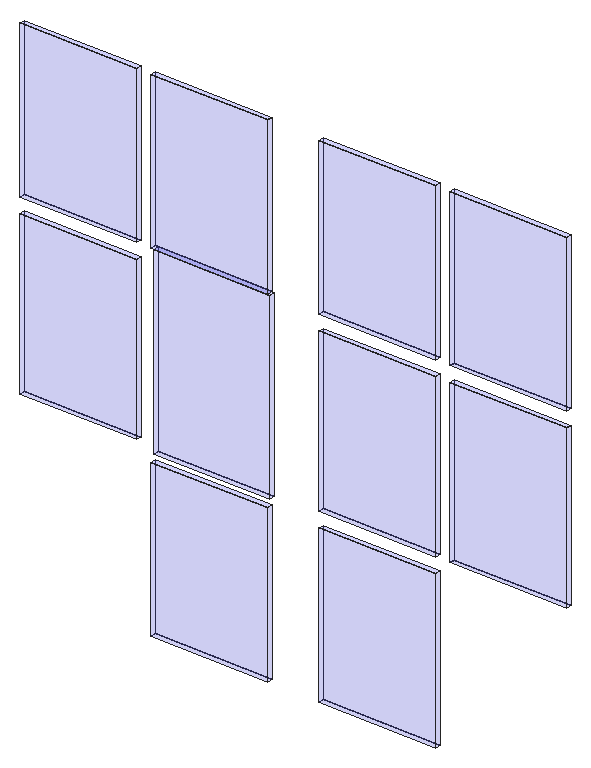
Revit family "WST_A3-C2F", category Windows, host Wall, Revit 2016
Family settings
  Host = Wall
  Always vertical = Yes
  Cut with Voids When Loaded = No
  Shared = No
  Room Calculation Point = No
Parameters (values of type "C2F Durowin")
  URL = "http://www.DUROWIN.com"
  Model Type = "C TYPE"
  Model = "C Type Residential open out"
  Material glass = Glass
  Material frame = Default Steel frame
  Manufacturer Code = "C2F"
  Manufacturer = "Durowin"
  Inset = 110 mm
  Height = 949 mm
  Head Height = 2125 mm
  Wall Closure = By host
  Width = 1022 mm
  Construction Type = "Steel"
  Assembly Code = "B2020120"
Reference planes
  plane 1 "centre line": y = 0
  plane 2 "Center (Left/Right)": x = 0
  plane 3 "Left": x = -511
  plane 4 "Right": x = 511
  plane 5 "Sill": z = 1176
  plane 6 "Head": z = 2125
  plane 7 "Exterior": y = 110
  plane 8 "Interior": y = -110
  plane 9: x = 255.5
  plane 10: x = -255.5
  plane 11: z = 1650.5
  plane 12: z = 1499.667
  plane 13: z = 1801.333
  plane 14: z = 1198
  plane 15: z = 2103
  plane 16: z = 1741
  plane 17: z = 1560
Forms (mm)
  Sweep 1, solid, material "Default Steel frame" <- "Material frame", detail levels medium
    path origin (0, 0, 0) x (1, 0, 0) y (0, 0, 1)
      loop
        line (511, 1176) -> (511, 2125) -> (0, 2125) -> (0, 1176) -> (511, 1176)
    profile origin (255.5, 0, 0) x (0, 0, -1) y (0, -1, 0)
      loop
        line (-1176, -28) -> (-1176, 28) -> (-1220, 28) -> (-1220, -28) -> (-1176, -28)
  Sweep 2, solid, material "Default Steel frame" <- "Material frame", detail levels medium
    path origin (0, 0, 0) x (1, 0, 0) y (0, 0, 1)
      loop
        line (0, 1176) -> (0, 2125) -> (-511, 2125) -> (-511, 1176) -> (0, 1176)
    profile origin (-255.5, 0, 0) x (0, 0, -1) y (0, -1, 0)
      loop
        line (-1176, -28) -> (-1176, 28) -> (-1220, 28) -> (-1220, -28) -> (-1176, -28)
  Extrusion 3, solid, material "Glass" <- "Material glass", detail levels medium
    sketch origin (0, 0, 0) x (1, 0, 0) y (0, 0, 1)
      loop
        line (467, 1220) -> (467, 1487.167) -> (268, 1487.167) -> (268, 1220) -> (467, 1220)
    from 5 to -5
  Extrusion 4, solid, material "Glass" <- "Material glass", detail levels medium
    sketch origin (0, 0, 0) x (1, 0, 0) y (0, 0, 1)
      loop
        line (-268, 1220) -> (-268, 1487.167) -> (-467, 1487.167) -> (-467, 1220) -> (-268, 1220)
    from 5 to -5
  Sweep 5, solid, material "Default Steel frame" <- "Material frame", detail levels medium
    path origin (0, 0, 0) x (1, 0, 0) y (0, 0, 1)
      loop
        line (255.5, 2081) -> (255.5, 1220)
    profile origin (0, 0, 1650.5) x (0, -1, 0) y (1, 0, 0)
      loop
        line (16, 243) -> (16, 268) -> (-16, 268) -> (-16, 243) -> (16, 243)
  Extrusion 6, solid, material "Glass" <- "Material glass"
    sketch origin (0, 0, 0) x (1, 0, 0) y (0, 0, 1)
      loop
        line (243, 1220) -> (243, 1487.167) -> (44, 1487.167) -> (44, 1220) -> (243, 1220)
    from 5 to -5
  Sweep 7, solid, material "Default Timber Frame", detail levels medium
    path origin (-572.5, 0, 0) x (1, 0, 0) y (0, 0, 1)
      loop
        line (317, 2081) -> (317, 1220)
    profile origin (0, 0, 1650.5) x (0, -1, 0) y (1, 0, 0)
      loop
        line (16, -268) -> (16, -243) -> (-16, -243) -> (-16, -268) -> (16, -268)
  Extrusion 8, solid, material "Glass"
    sketch origin (0, 0, 0) x (1, 0, 0) y (0, 0, 1)
      loop
        line (-44, 1220) -> (-44, 1487.167) -> (-243, 1487.167) -> (-243, 1220) -> (-44, 1220)
    from 5 to -5
  Sweep 9, solid, material "Default Steel frame" <- "Material frame", detail levels medium
    path origin (0, 0, 0) x (1, 0, 0) y (0, 0, 1)
      loop
        line (467, 1801.333) -> (44, 1801.333)
    profile origin (255.5, 0, 0) x (0, 0, -1) y (0, -1, 0)
      loop
        line (-1788.833, -16) -> (-1788.833, 16) -> (-1813.833, 16) -> (-1813.833, -16) -> (-1788.833, -16)
  Extrusion 10, solid, material "Glass"
    sketch origin (0, 0, 0) x (1, 0, 0) y (0, 0, 1)
      loop
        line (467, 1813.833) -> (467, 2081) -> (268, 2081) -> (268, 1813.833) -> (467, 1813.833)
    from 5 to -5
  Extrusion 11, solid, material "Glass"
    sketch origin (0, 0, 0) x (1, 0, 0) y (0, 0, 1)
      loop
        line (243, 1813.833) -> (243, 2081) -> (44, 2081) -> (44, 1813.833) -> (243, 1813.833)
    from 5 to -5
  Sweep 12, solid, material "Default Timber Frame", detail levels medium
    path origin (-572.5, 0, 0) x (1, 0, 0) y (0, 0, 1)
      loop
        line (528.5, 1801.333) -> (105.5, 1801.333)
    profile origin (-255.5, 0, 0) x (0, 0, -1) y (0, -1, 0)
      loop
        line (-1788.833, -16) -> (-1788.833, 16) -> (-1813.833, 16) -> (-1813.833, -16) -> (-1788.833, -16)
  Extrusion 13, solid, material "Glass"
    sketch origin (0, 0, 0) x (1, 0, 0) y (0, 0, 1)
      loop
        line (-44, 1813.833) -> (-44, 2081) -> (-243, 2081) -> (-243, 1813.833) -> (-44, 1813.833)
    from 5 to -5
  Extrusion 14, solid, material "Glass"
    sketch origin (0, 0, 0) x (1, 0, 0) y (0, 0, 1)
      loop
        line (-268, 1813.833) -> (-268, 2081) -> (-467, 2081) -> (-467, 1813.833) -> (-268, 1813.833)
    from 5 to -5
  Sweep 15, solid, material "Default Steel frame" <- "Material frame", detail levels medium
    path origin (0, 0, -270.667) x (1, 0, 0) y (0, 0, 1)
      loop
        line (467, 1770.333) -> (44, 1770.333)
    profile origin (255.5, 0, 0) x (0, 0, -1) y (0, -1, 0)
      loop
        line (-1487.167, -16) -> (-1487.167, 16) -> (-1512.167, 16) -> (-1512.167, -16) -> (-1487.167, -16)
  Sweep 16, solid, material "Default Timber Frame", detail levels medium
    path origin (-572.5, 0, -270.667) x (1, 0, 0) y (0, 0, 1)
      loop
        line (528.5, 1770.333) -> (105.5, 1770.333)
    profile origin (-255.5, 0, 0) x (0, 0, -1) y (0, -1, 0)
      loop
        line (-1487.167, -16) -> (-1487.167, 16) -> (-1512.167, 16) -> (-1512.167, -16) -> (-1487.167, -16)
  Extrusion 17, solid, material "Glass"
    sketch origin (0, 0, 0) x (1, 0, 0) y (0, 0, 1)
      loop
        line (467, 1512.167) -> (467, 1788.833) -> (268, 1788.833) -> (268, 1512.167) -> (467, 1512.167)
    from 5 to -5
  Extrusion 18, solid, material "Glass"
    sketch origin (0, 0, 0) x (1, 0, 0) y (0, 0, 1)
      loop
        line (243, 1512.167) -> (243, 1788.833) -> (44, 1788.833) -> (44, 1512.167) -> (243, 1512.167)
    from 5 to -5
  Extrusion 19, solid, material "Glass"
    sketch origin (4, 0, -11.5) x (1, 0, 0) y (0, 0, 1)
      loop
        line (-44, 1512.167) -> (-44, 1825.333) -> (-243, 1825.333) -> (-243, 1512.167) -> (-44, 1512.167)
    from 5 to -5
  Extrusion 20, solid, material "Glass"
    sketch origin (0, 0, 0) x (1, 0, 0) y (0, 0, 1)
      loop
        line (-268, 1512.167) -> (-268, 1788.833) -> (-467, 1788.833) -> (-467, 1512.167) -> (-268, 1512.167)
    from 5 to -5
Cuts and joins
  joined: Sweep 5, Sweep 9, Sweep 15
  joined: Sweep 7, Sweep 12, Sweep 16
Lines and regions (mm)
  Opening 1
    outline origin (3500, -110, 0) x (1, 0, 0) y (0, 0, 1)
      loop
        line (-2989, 1176) -> (-2989, 2125) -> (-4011, 2125) -> (-4011, 1176) -> (-2989, 1176)
  symbolic lines, style "WindowsFrameMullionProjection", detail levels coarse
    curve 1: line (-511, 0, 0) -> (511, 0, 0)
    curve 2: line (0, 0, 2125) -> (0, 0, 1176)
  symbolic lines, style "Elevation Swing", detail levels medium+fine
    curve 3: line (467, 0, 2081) -> (44, 0, 1650.5)
    curve 4: line (44, 0, 1650.5) -> (467, 0, 1220)
    curve 5: line (-467, 0, 2081) -> (-255.5, 0, 1797.052)
    curve 6: line (-44, 0, 2081) -> (-255.5, 0, 1797.052)
Text (mm)
  text "EXTERIOR" at (-1963.203, 1332.353, 0), in view "Ref. Level"
  text "INTERIOR" at (-1981.466, -818.386, 0), in view "Ref. Level"
  text "Exterior" at (0, 923.751, 2943.296), in view "Right"
  text "Exterior" at (0, 1040.484, 2685.409), in view "Left"
Dimensions and locks
  equal spacing: plane 3 "Left", plane 2 "Center (Left/Right)", plane 4 "Right"
  "Width": plane 3 "Left" to plane 4 "Right"
  "Height": plane 5 "Sill" to plane 6 "Head"
  "Head Height": plane 6 "Head" to level
  locked: plane 7 "Exterior" to host wall at 0
  locked: plane 8 "Interior" to host wall
  "Inset": plane 1 "centre line" to plane 7 "Exterior"
  locked: plane 1 "centre line" to nested 1 at 50
  equal spacing: plane 3 "Left", plane 10, plane 2 "Center (Left/Right)"
  equal spacing: plane 2 "Center (Left/Right)", plane 9, plane 4 "Right"
  locked: plane 5 "Sill" to plane 14 at 22
  locked: plane 15 to plane 6 "Head" at 22
  equal spacing: plane 5 "Sill", plane 11, plane 6 "Head"
  equal spacing: plane 15, plane 13, plane 12, plane 14
  aligned and locked: plane 1 "centre line" to curve 1
  aligned and locked: plane 1 "centre line" to curve 2
  aligned and locked: nested 1 to plane 6 "Head"
  aligned and locked: nested 2 to plane 3 "Left"
  aligned and locked: nested 2 to plane 4 "Right"
  aligned and locked: nested 2 to plane 1 "centre line"
  aligned and locked: Extrusion 3 sketch curve to Sweep 5
  aligned and locked: Sweep 7 to Extrusion 4 sketch curve
  aligned and locked: Sweep 12 sketch curve to plane 13
  aligned and locked: cut or joined group of Sweep 5, Sweep 9, Sweep 15 to Extrusion 11 sketch curve
  aligned and locked: Extrusion 10 sketch curve to cut or joined group of Sweep 5, Sweep 9, Sweep 15
  aligned and locked: cut or joined group of Sweep 5, Sweep 9, Sweep 15 to Extrusion 3 sketch curve
  aligned and locked: Extrusion 6 sketch curve to cut or joined group of Sweep 5, Sweep 9, Sweep 15
  aligned and locked: cut or joined group of Sweep 7, Sweep 12, Sweep 16 to Extrusion 14 sketch curve
  aligned and locked: Extrusion 13 sketch curve to cut or joined group of Sweep 7, Sweep 12, Sweep 16
  aligned and locked: cut or joined group of Sweep 7, Sweep 12, Sweep 16 to Extrusion 8 sketch curve
  aligned and locked: Extrusion 4 sketch curve to cut or joined group of Sweep 7, Sweep 12, Sweep 16
  aligned and locked: plane 6 "Head" to nested 3
  aligned and locked: plane 5 "Sill" to nested 3
  aligned and locked: nested 3 to plane 1 "centre line"
  aligned and locked: cut or joined group of Sweep 5, Sweep 9, Sweep 15 to Extrusion 20
  aligned and locked: cut or joined group of Sweep 5, Sweep 9, Sweep 15 to Extrusion 19
  aligned and locked: Extrusion 18 to cut or joined group of Sweep 5, Sweep 9, Sweep 15
  aligned and locked: Extrusion 17 to cut or joined group of Sweep 5, Sweep 9, Sweep 15
Automatic sketch dimensions
  Opening 1 sketch curve to plane 3 "Left" = 0 mm
  Opening 1 sketch curve to plane 4 "Right" = 0 mm
  Opening 1 sketch curve to plane 5 "Sill" = 0 mm
  Opening 1 sketch curve to plane 6 "Head" = 0 mm
  curve 1 to plane 3 "Left" = 0 mm
  curve 1 to plane 4 "Right" = 0 mm
  curve 2 to plane 5 "Sill" = 0 mm
  curve 2 to plane 6 "Head" = 0 mm
  Sweep 1 sketch curve to plane 2 "Center (Left/Right)" = 0 mm
  Sweep 1 sketch curve to plane 4 "Right" = 0 mm
  Sweep 1 sketch curve to plane 5 "Sill" = 0 mm
  Sweep 1 sketch curve to plane 6 "Head" = 0 mm
  Sweep 1 sketch curve to profile plane = 0 mm
  profile plane to Sweep 1 sketch curve = 44 mm
  Sweep 1 sketch curve to plane 1 "centre line" = 28 mm
  plane 1 "centre line" to Sweep 1 sketch curve = 28 mm
  Sweep 2 sketch curve to plane 3 "Left" = 0 mm
  Sweep 2 sketch curve to plane 2 "Center (Left/Right)" = 0 mm
  Sweep 2 sketch curve to plane 5 "Sill" = 0 mm
  Sweep 2 sketch curve to plane 6 "Head" = 0 mm
  Sweep 2 sketch curve to profile plane = 0 mm
  profile plane to Sweep 2 sketch curve = 44 mm
  Sweep 2 sketch curve to plane 1 "centre line" = 28 mm
  plane 1 "centre line" to Sweep 2 sketch curve = 28 mm
  Sweep 5 sketch curve to plane 9 = 0 mm
  Sweep 5 sketch curve to plane 5 "Sill" = 44 mm
  plane 6 "Head" to Sweep 5 sketch curve = 44 mm
  Sweep 5 sketch curve to plane 1 "centre line" = 16 mm
  plane 1 "centre line" to Sweep 5 sketch curve = 16 mm
  profile plane to Sweep 5 sketch curve = 12.5 mm
  Sweep 5 sketch curve to profile plane = 12.5 mm
  Sweep 7 sketch curve to plane 10 = 0 mm
  Sweep 7 sketch curve to plane 5 "Sill" = 44 mm
  plane 6 "Head" to Sweep 7 sketch curve = 44 mm
  Sweep 7 sketch curve to profile plane = 16 mm
  profile plane to Sweep 7 sketch curve = 16 mm
  profile plane to Sweep 7 sketch curve = 12.5 mm
  Sweep 7 sketch curve to profile plane = 12.5 mm
  profile plane to Sweep 9 sketch curve = 12.5 mm
  Sweep 9 sketch curve to profile plane = 12.5 mm
  Sweep 9 sketch curve to plane 1 "centre line" = 16 mm
  plane 1 "centre line" to Sweep 9 sketch curve = 16 mm
  profile plane to Sweep 12 sketch curve = 12.5 mm
  Sweep 12 sketch curve to profile plane = 12.5 mm
  Sweep 12 sketch curve to profile plane = 16 mm
  profile plane to Sweep 12 sketch curve = 16 mm
  Sweep 9 sketch curve to plane 13 = 0 mm
  plane 2 "Center (Left/Right)" to Sweep 9 sketch curve = 44 mm
  plane 4 "Right" to Sweep 9 sketch curve = 44 mm
  Sweep 12 sketch curve to plane 3 "Left" = 44 mm
  Sweep 12 sketch curve to plane 2 "Center (Left/Right)" = 44 mm
  Sweep 15 sketch curve to plane 12 = 0 mm
  plane 2 "Center (Left/Right)" to Sweep 15 sketch curve = 44 mm
  plane 4 "Right" to Sweep 15 sketch curve = 44 mm
  profile plane to Sweep 15 sketch curve = 12.5 mm
  Sweep 15 sketch curve to profile plane = 12.5 mm
  Sweep 15 sketch curve to profile plane = 16 mm
  profile plane to Sweep 15 sketch curve = 16 mm
  Sweep 16 sketch curve to plane 12 = 0 mm
  Sweep 16 sketch curve to plane 3 "Left" = 44 mm
  Sweep 16 sketch curve to plane 2 "Center (Left/Right)" = 44 mm
  profile plane to Sweep 16 sketch curve = 12.5 mm
  Sweep 16 sketch curve to profile plane = 12.5 mm
  Sweep 16 sketch curve to profile plane = 16 mm
  profile plane to Sweep 16 sketch curve = 16 mm
  plane 2 "Center (Left/Right)" to Extrusion 11 sketch curve = 44 mm
  Extrusion 11 sketch curve to plane 9 = 12.5 mm
  plane 15 to Extrusion 11 sketch curve = 22 mm
  plane 9 to Extrusion 10 sketch curve = 12.5 mm
  plane 4 "Right" to Extrusion 10 sketch curve = 44 mm
  plane 15 to Extrusion 10 sketch curve = 22 mm
  plane 4 "Right" to Extrusion 3 sketch curve = 44 mm
  Extrusion 3 sketch curve to plane 14 = 22 mm
  plane 2 "Center (Left/Right)" to Extrusion 6 sketch curve = 44 mm
  Extrusion 6 sketch curve to plane 9 = 12.5 mm
  Extrusion 6 sketch curve to plane 14 = 22 mm
  Extrusion 14 sketch curve to plane 3 "Left" = 44 mm
  Extrusion 14 sketch curve to plane 10 = 12.5 mm
  plane 15 to Extrusion 14 sketch curve = 22 mm
  plane 10 to Extrusion 13 sketch curve = 12.5 mm
  Extrusion 13 sketch curve to plane 2 "Center (Left/Right)" = 44 mm
  plane 15 to Extrusion 13 sketch curve = 22 mm
  plane 10 to Extrusion 8 sketch curve = 12.5 mm
  Extrusion 8 sketch curve to plane 2 "Center (Left/Right)" = 44 mm
  Extrusion 8 sketch curve to plane 14 = 22 mm
  Extrusion 4 sketch curve to plane 3 "Left" = 44 mm
  Extrusion 4 sketch curve to plane 14 = 22 mm
  plane 10 to Extrusion 19 sketch curve = 16.5 mm
  Extrusion 19 sketch curve to plane 2 "Center (Left/Right)" = 40 mm
  Extrusion 19 sketch curve to plane 12 = 1 mm
  Extrusion 20 sketch curve to plane 12 = 12.5 mm
  Extrusion 20 sketch curve to plane 3 "Left" = 44 mm
  Extrusion 20 sketch curve to plane 10 = 12.5 mm
  plane 9 to Extrusion 17 sketch curve = 12.5 mm
  plane 4 "Right" to Extrusion 17 sketch curve = 44 mm
  Extrusion 17 sketch curve to plane 12 = 12.5 mm
  Extrusion 18 sketch curve to plane 12 = 12.5 mm
  plane 2 "Center (Left/Right)" to Extrusion 18 sketch curve = 44 mm
  Extrusion 18 sketch curve to plane 9 = 12.5 mm
  Extrusion 17 sketch curve to plane 17 = 228.833 mm
  Extrusion 18 sketch curve to plane 17 = 228.833 mm
  Extrusion 19 sketch curve to plane 17 = 253.833 mm
  Extrusion 20 sketch curve to plane 17 = 228.833 mm
  curve 5 to plane 10 = 0 mm
  curve 4 to plane 11 = 0 mm
  plane 13 to curve 5 = 4.282 mm
  plane 15 to curve 3 = 22 mm
  plane 15 to curve 5 = 22 mm
  plane 15 to curve 6 = 22 mm
  curve 4 to plane 14 = 22 mm
  curve 5 to plane 3 "Left" = 44 mm
  curve 6 to plane 2 "Center (Left/Right)" = 44 mm
  plane 2 "Center (Left/Right)" to curve 4 = 44 mm
  plane 4 "Right" to curve 4 = 44 mm
  plane 4 "Right" to curve 3 = 44 mm
Nested families
  nested 1: "swartland casement frame top" at (0, 28, 2107) x (0, 1, 0) z (1, 0, 0), type "swartland casement frame top", detail levels fine
  nested 2: "SP_Section Casment + Fixed 1M" at (0, 0, 0) x (0, 1, 0) z (0, 0, 1), type "SP_Section Casment + Fixed 1M", detail levels fine
    with Overall 1022 mm
  nested 3: "SP_Section Casment 4M" at (0, 0, 1825) x (0, 1, 0) z (1, 0, 0), type "SP_Section Casment 4M", detail levels fine
    with Overall 949 mm
Definition of nested family "swartland casement frame top"
  Reference planes
    plane 1 "Center (Front/Back)": y = 0
    plane 2: z = 0
    plane 3 "Center (Left/Right)": x = 0
  Lines and regions (mm)
    Filled region 1, type "Wood cut", in view "Ref. Level", detail levels fine
      outline origin (-23, 0, 0) x (1, 0, 0) y (0, 1, 0)
        loop
          line (45, 18) -> (23, 18) -> (23, 0) -> (31.5, 0)
          arc (31.5, 0) -> (34, 2.5) -> (36.5, 0) r 2.5
          line (36.5, 0) -> (45, 0) -> (45, 18)
    detail lines, in view "Ref. Level"
      curve 1: line (22, 18, 0) -> (0, 18, 0)
      curve 2: line (22, 0, 0) -> (22, 18, 0)
      curve 3: line (13.5, 0, 0) -> (22, 0, 0)
      curve 4: arc (8.5, 0, 0) -> (11, 2.5, 0) -> (13.5, 0, 0) r 2.5
      curve 5: line (0, 0, 0) -> (8.5, 0, 0)
      curve 6: line (0, 18, 0) -> (0, 0, 0)
  Dimensions and locks
    aligned and locked: curve 1 to Filled region 1
    aligned and locked: curve 2 to Filled region 1
    aligned and locked: curve 3 to Filled region 1
    aligned and locked: curve 4 to Filled region 1
    aligned and locked: curve 5 to Filled region 1
    aligned and locked: curve 6 to Filled region 1
Definition of nested family "SP_Section Casment + Fixed 1M"
  Parameters
    Overall [instance] = 600 mm
  Reference planes
    plane 1 "Center (Front/Back)": y = 0
    plane 2: z = 0
    plane 3 "Center (Left/Right)": x = 0
    plane 4: y = 300, in view "Ref. Level"
    plane 5: y = -300, in view "Ref. Level"
    plane 6: y = 150, in view "Ref. Level"
    plane 7: y = -150, in view "Ref. Level"
  Lines and regions (mm)
    detail lines, in view "Ref. Level"
      curve 1: line (-28, -261, 0) -> (-28, 261, 0)
      curve 2: line (-23, 256, 0) -> (-23, 22, 0)
      curve 3: line (33, 237, 0) -> (33, 158.5, 0)
      curve 4: line (17, 233, 0) -> (17, 162.5, 0)
      curve 5: line (23, 158.5, 0) -> (23, 237, 0)
      curve 6: line (5, 233, 0) -> (5, 162.5, 0)
      curve 7: line (-23, -22, 0) -> (-23, -256, 0)
      curve 8: line (0, 256, 0) -> (0, 22, 0)
      curve 9: line (5, 48, 0) -> (5, 137.5, 0)
      curve 10: line (17, 137.5, 0) -> (17, 48, 0)
      curve 11: line (23, 141.5, 0) -> (23, 44, 0)
      curve 12: line (33, 141.5, 0) -> (33, 44, 0)
      curve 13: line (0, -22, 0) -> (0, -256, 0)
      curve 14: line (5, -48, 0) -> (5, -137.5, 0)
      curve 15: line (17, -48, 0) -> (17, -137.5, 0)
      curve 16: line (23, -44, 0) -> (23, -141.5, 0)
      curve 17: line (33, -44, 0) -> (33, -141.5, 0)
      curve 18: line (5, -162.5, 0) -> (5, -233, 0)
      curve 19: line (17, -162.5, 0) -> (17, -233, 0)
      curve 20: line (23, -158.5, 0) -> (23, -237, 0)
      curve 21: line (33, -158.5, 0) -> (33, -237, 0)
  Dimensions and locks
    "Overall": plane 5 to plane 4
    equal spacing: plane 5, plane 1 "Center (Front/Back)", plane 4
    equal spacing: plane 1 "Center (Front/Back)", plane 6, plane 4
    equal spacing: plane 5, plane 7, plane 1 "Center (Front/Back)"
    aligned and locked: plane 3 "Center (Left/Right)" to nested 1
    aligned and locked: plane 5 to nested 1
    aligned and locked: nested 2 to plane 3 "Center (Left/Right)"
    aligned and locked: plane 4 to nested 2
    aligned and locked: nested 3 to nested 1
    aligned and locked: plane 3 "Center (Left/Right)" to nested 3
    aligned and locked: nested 4 to nested 2
    aligned and locked: nested 4 to plane 3 "Center (Left/Right)"
    aligned and locked: plane 3 "Center (Left/Right)" to nested 5
    aligned and locked: nested 1 to curve 1
    aligned and locked: nested 2 to curve 1
    aligned and locked: curve 1 to nested 1
    aligned and locked: nested 2 to curve 2
    aligned and locked: nested 1 to curve 7
    aligned and locked: curve 2 to nested 2
    aligned and locked: nested 4 to curve 3  (x2)
    aligned and locked: nested 5 to curve 3
    aligned and locked: nested 4 to curve 4  (x2)
    aligned and locked: nested 5 to curve 4
    aligned and locked: nested 5 to curve 5
    aligned and locked: nested 4 to curve 5
    aligned and locked: nested 4 to curve 6
    aligned and locked: nested 5 to curve 6
    aligned and locked: curve 6 to nested 5
    aligned and locked: plane 6 to nested 5
    aligned and locked: plane 1 "Center (Front/Back)" to nested 7
    aligned and locked: plane 3 "Center (Left/Right)" to nested 7
    aligned and locked: nested 6 to nested 7
    aligned and locked: plane 3 "Center (Left/Right)" to nested 6
    aligned and locked: nested 7 to nested 8
    aligned and locked: nested 8 to plane 3 "Center (Left/Right)"
    aligned and locked: nested 7 to curve 2
    aligned and locked: curve 7 to nested 7
    aligned and locked: nested 2 to curve 8
    aligned and locked: nested 7 to curve 8
    aligned and locked: curve 8 to plane 3 "Center (Left/Right)"
    aligned and locked: nested 6 to curve 9
    aligned and locked: nested 5 to curve 9
    aligned and locked: curve 9 to nested 5
    aligned and locked: nested 5 to curve 10
    aligned and locked: nested 6 to curve 10
    aligned and locked: curve 10 to nested 5
    aligned and locked: nested 5 to curve 11
    aligned and locked: nested 6 to curve 11
    aligned and locked: nested 5 to curve 12
    aligned and locked: nested 6 to curve 12
    aligned and locked: curve 12 to nested 5
    aligned and locked: plane 7 to nested 9
    aligned and locked: plane 3 "Center (Left/Right)" to nested 9
    aligned and locked: nested 7 to curve 13
    aligned and locked: nested 1 to curve 13
    aligned and locked: curve 13 to plane 3 "Center (Left/Right)"
    aligned and locked: nested 8 to curve 14
    aligned and locked: nested 9 to curve 14
    aligned and locked: curve 14 to nested 9
    aligned and locked: nested 8 to curve 15  (x2)
    aligned and locked: nested 9 to curve 15
    aligned and locked: nested 8 to curve 16
    aligned and locked: nested 9 to curve 16
    aligned and locked: nested 8 to curve 17  (x2)
    aligned and locked: nested 9 to curve 17
    aligned and locked: nested 9 to curve 18  (x2)
    aligned and locked: nested 3 to curve 18
    aligned and locked: nested 9 to curve 19
    aligned and locked: nested 3 to curve 19
    aligned and locked: curve 19 to nested 9
    aligned and locked: nested 9 to curve 20
    aligned and locked: nested 3 to curve 20
    aligned and locked: nested 9 to curve 21
    aligned and locked: nested 3 to curve 21
    aligned and locked: curve 21 to nested 9
  Automatic sketch dimensions
    curve 7 to curve 13 = 23 mm
    curve 19 to curve 20 = 6 mm
    curve 10 to curve 11 = 6 mm
    curve 15 to curve 16 = 6 mm
    curve 4 to curve 5 = 6 mm
    curve 6 to curve 4 = 0 mm
  Nested families
    nested 1: "Frame" at (0, -300, 0), type "Frame", in view "Ref. Level"
    nested 2: "Frame" at (0, 300, 0), type "Frame", in view "Ref. Level"
    nested 3: "casement mullion" at (0, -271, 0), type "casement mullion", in view "Ref. Level"
    nested 4: "casement mullion" at (0, 271, 0), type "casement mullion", in view "Ref. Level"
    nested 5: "Small pane mullion" at (0, 150, 0), type "Small pane mullion", in view "Ref. Level"
    nested 6: "casement mullion" at (0, 10, 0), type "casement mullion", in view "Ref. Level"
    nested 7: "Frame mullion" at (0, 0, 0), type "Frame mullion", in view "Ref. Level"
    nested 8: "casement mullion" at (0, -10, 0), type "casement mullion", in view "Ref. Level"
    nested 9: "Small pane mullion" at (0, -150, 0), type "Small pane mullion", in view "Ref. Level"
  Definition of nested family "Frame"
    Reference planes
      plane 1 "Center (Front/Back)": y = 0
      plane 2: z = 0
      plane 3 "Center (Left/Right)": x = 0
    Lines and regions (mm)
      Filled region 1, type "Wood cut", in view "Ref. Level"
        outline origin (0, 0, 0) x (1, 0, 0) y (0, 1, 0)
          loop
            line (0, 44) -> (-23, 44) -> (-23, 42)
            arc (-23, 42) -> (-25.121, 41.121) -> (-26, 39) r 3
            line (-26, 39) -> (-28, 39) -> (-28, 0) -> (-9, 0) -> (-9, 8) -> (-4, 8) -> (-4, 0) -> (28, 0) -> (28, 29) -> (0, 29) -> (0, 44)
      detail lines, in view "Ref. Level"
        curve 1: line (0, 44, 0) -> (-23, 44, 0)
        curve 2: line (0, 29, 0) -> (0, 44, 0)
        curve 3: line (28, 29, 0) -> (0, 29, 0)
        curve 4: line (28, 0, 0) -> (28, 29, 0)
        curve 5: line (-4, 0, 0) -> (28, 0, 0)
        curve 6: line (-4, 8, 0) -> (-4, 0, 0)
        curve 7: line (-9, 8, 0) -> (-4, 8, 0)
        curve 8: line (-9, 0, 0) -> (-9, 8, 0)
        curve 9: line (-28, 0, 0) -> (-9, 0, 0)
        curve 10: line (-28, 39, 0) -> (-28, 0, 0)
        curve 11: line (-26, 39, 0) -> (-28, 39, 0)
        curve 12: arc (-23, 42, 0) -> (-25.121, 41.121, 0) -> (-26, 39, 0) r 3
        curve 13: line (-23, 44, 0) -> (-23, 42, 0)
    Dimensions and locks
      aligned and locked: curve 1 to Filled region 1
      aligned and locked: curve 2 to Filled region 1
      aligned and locked: curve 3 to Filled region 1
      aligned and locked: curve 4 to Filled region 1
      aligned and locked: curve 5 to Filled region 1
      aligned and locked: curve 6 to Filled region 1
      aligned and locked: curve 7 to Filled region 1
      aligned and locked: curve 8 to Filled region 1
      aligned and locked: curve 9 to Filled region 1
      aligned and locked: curve 10 to Filled region 1
      aligned and locked: curve 11 to Filled region 1
      aligned and locked: curve 12 to Filled region 1
      aligned and locked: curve 13 to Filled region 1
  Definition of nested family "casement mullion"
    Reference planes
      plane 1 "Center (Front/Back)": y = 0
      plane 2: z = 0
      plane 3 "Center (Left/Right)": x = 0
    Lines and regions (mm)
      Filled region 1, type "Wood cut", in view "Ref. Level"
        outline origin (-54.537, -24.443, 0) x (1, 0, 0) y (0, 1, 0)
          loop
            line (71.537, 62.443) -> (59.537, 62.443) -> (59.537, 61.443)
            arc (59.537, 61.443) -> (57.416, 60.564) -> (56.537, 58.443) r 3
            line (56.537, 58.443) -> (55.537, 58.443) -> (55.537, 25.443) -> (69.537, 25.443) -> (69.537, 28.443) -> (72.537, 28.443) -> (72.537, 25.443) -> (83.537, 25.443) -> (83.537, 18.443) -> (85.537, 18.443) -> (87.537, 24.443) -> (87.537, 58.443) -> (71.537, 58.443) -> (71.537, 62.443)
      detail lines, in view "Ref. Level"
        curve 1: line (17, 38, 0) -> (5, 38, 0)
        curve 2: line (17, 34, 0) -> (17, 38, 0)
        curve 3: line (33, 34, 0) -> (17, 34, 0)
        curve 4: line (33, 0, 0) -> (33, 34, 0)
        curve 5: line (31, -6, 0) -> (33, 0, 0)
        curve 6: line (29, 1, 0) -> (29, -6, 0)
        curve 7: line (18, 1, 0) -> (29, 1, 0)
        curve 8: line (18, 4, 0) -> (18, 1, 0)
        curve 9: line (15, 4, 0) -> (18, 4, 0)
        curve 10: line (15, 1, 0) -> (15, 4, 0)
        curve 11: line (1, 1, 0) -> (15, 1, 0)
        curve 12: line (1, 34, 0) -> (1, 1, 0)
    Dimensions and locks
      aligned and locked: curve 1 to Filled region 1
      aligned and locked: curve 2 to Filled region 1
      aligned and locked: curve 3 to Filled region 1
      aligned and locked: curve 4 to Filled region 1
      aligned and locked: curve 5 to Filled region 1
      aligned and locked: curve 6 to Filled region 1
      aligned and locked: curve 7 to Filled region 1
      aligned and locked: curve 8 to Filled region 1
      aligned and locked: curve 9 to Filled region 1
      aligned and locked: curve 10 to Filled region 1
      aligned and locked: curve 11 to Filled region 1
      aligned and locked: curve 12 to Filled region 1
  Definition of nested family "Small pane mullion"
    Reference planes
      plane 1 "Center (Front/Back)": y = 0
      plane 2: z = 0
      plane 3 "Center (Left/Right)": x = 0
    Lines and regions (mm)
      Filled region 1, type "Wood cut", in view "Ref. Level"
        outline origin (17, -22, 0) x (1, 0, 0) y (0, 1, 0)
          loop
            line (0, 34.5) -> (-12, 34.5) -> (-12, 33.5)
            arc (-12, 33.5) -> (-14.121, 32.621) -> (-15, 30.5) r 3
            line (-15, 30.5) -> (-16, 30.5) -> (-16, 13.5) -> (-15, 13.5)
            arc (-15, 13.5) -> (-14.121, 11.379) -> (-12, 10.5) r 3
            line (-12, 10.5) -> (-12, 9.5) -> (0, 9.5) -> (0, 13.5) -> (16, 13.5) -> (16, 30.5) -> (0, 30.5) -> (0, 34.5)
      detail lines, in view "Ref. Level"
        curve 1: line (17, 12.5, 0) -> (5, 12.5, 0)
        curve 2: line (33, 8.5, 0) -> (17, 8.5, 0)
        curve 3: line (17, 8.5, 0) -> (17, 12.5, 0)
        curve 4: line (33, -8.5, 0) -> (33, 8.5, 0)
        curve 5: line (17, -8.5, 0) -> (33, -8.5, 0)
        curve 6: line (17, -12.5, 0) -> (17, -8.5, 0)
        curve 7: line (5, -12.5, 0) -> (17, -12.5, 0)
        curve 8: line (5, -11.5, 0) -> (5, -12.5, 0)
        curve 9: arc (2, -8.5, 0) -> (2.879, -10.621, 0) -> (5, -11.5, 0) r 3
        curve 10: line (1, -8.5, 0) -> (2, -8.5, 0)
        curve 11: line (1, 8.5, 0) -> (1, -8.5, 0)
        curve 12: line (2, 8.5, 0) -> (1, 8.5, 0)
        curve 13: arc (5, 11.5, 0) -> (2.879, 10.621, 0) -> (2, 8.5, 0) r 3
        curve 14: line (5, 12.5, 0) -> (5, 11.5, 0)
        curve 15: line (1, 0, 0) -> (33, 0, 0)
    Dimensions and locks
      aligned and locked: curve 1 to Filled region 1
      aligned and locked: curve 2 to Filled region 1
      aligned and locked: curve 3 to Filled region 1
      aligned and locked: curve 4 to Filled region 1
      aligned and locked: curve 5 to Filled region 1
      aligned and locked: curve 6 to Filled region 1
      aligned and locked: curve 7 to Filled region 1
      aligned and locked: curve 8 to Filled region 1
      aligned and locked: curve 9 to Filled region 1
      aligned and locked: curve 10 to Filled region 1
      aligned and locked: curve 11 to Filled region 1
      aligned and locked: curve 12 to Filled region 1
      aligned and locked: curve 13 to Filled region 1
      aligned and locked: curve 14 to Filled region 1
  Definition of nested family "Frame mullion"
    Reference planes
      plane 1 "Center (Front/Back)": y = 0
      plane 2: z = 0
      plane 3 "Center (Left/Right)": x = 0
    Lines and regions (mm)
      Filled region 1, type "Wood cut", in view "Ref. Level"
        outline origin (0, -22, 0) x (1, 0, 0) y (0, 1, 0)
          loop
            line (0, 44) -> (-23, 44) -> (-23, 42)
            arc (-23, 42) -> (-25.121, 41.121) -> (-26, 39) r 3
            line (-26, 39) -> (-28, 39) -> (-28, 5) -> (-26, 5)
            arc (-26, 5) -> (-25.121, 2.879) -> (-23, 2) r 3
            line (-23, 2) -> (-23, 0) -> (0, 0) -> (0, 12) -> (28, 12) -> (28, 32) -> (0, 32) -> (0, 44)
      detail lines, in view "Ref. Level"
        curve 1: line (0, 22, 0) -> (-23, 22, 0)
        curve 2: line (0, 10, 0) -> (0, 22, 0)
        curve 3: line (28, 10, 0) -> (0, 10, 0)
        curve 4: line (28, -10, 0) -> (28, 10, 0)
        curve 5: line (0, -10, 0) -> (28, -10, 0)
        curve 6: line (0, -22, 0) -> (0, -10, 0)
        curve 7: line (-23, -22, 0) -> (0, -22, 0)
        curve 8: line (-28, 17, 0) -> (-28, -17, 0)
        curve 9: line (-26, 17, 0) -> (-28, 17, 0)
        curve 10: arc (-23, 20, 0) -> (-25.121, 19.121, 0) -> (-26, 17, 0) r 3
        curve 11: line (-23, 22, 0) -> (-23, 20, 0)
        curve 12: line (-23, -20, 0) -> (-23, -22, 0)
        curve 13: arc (-26, -17, 0) -> (-25.121, -19.121, 0) -> (-23, -20, 0) r 3
        curve 14: line (-28, -17, 0) -> (-26, -17, 0)
    Dimensions and locks
      aligned and locked: curve 1 to Filled region 1
      aligned and locked: curve 2 to Filled region 1
      aligned and locked: curve 3 to Filled region 1
      aligned and locked: curve 4 to Filled region 1
      aligned and locked: curve 5 to Filled region 1
      aligned and locked: curve 6 to Filled region 1
      aligned and locked: curve 7 to Filled region 1
      aligned and locked: curve 8 to Filled region 1
      aligned and locked: curve 9 to Filled region 1
      aligned and locked: curve 10 to Filled region 1
      aligned and locked: curve 11 to Filled region 1
      aligned and locked: curve 12 to Filled region 1
      aligned and locked: curve 13 to Filled region 1
      aligned and locked: curve 14 to Filled region 1
Definition of nested family "SP_Section Casment 4M"
  Parameters
    Overall [instance] = 500 mm
  Reference planes
    plane 1 "Center (Front/Back)": y = 0
    plane 2: z = 0
    plane 3 "Center (Left/Right)": x = 0
    plane 4: y = 300, in view "Ref. Level"
    plane 5: y = -200, in view "Ref. Level"
    plane 6: y = 172.4, in view "Ref. Level"
    plane 7: y = -72.4, in view "Ref. Level"
    plane 8: y = -154, in view "Ref. Level"
    plane 9: y = 254, in view "Ref. Level"
    plane 10: y = 9.2, in view "Ref. Level"
    plane 11: y = 90.8, in view "Ref. Level"
  Lines and regions (mm)
    detail lines, in view "Ref. Level"
      curve 1: line (-28, 261, 0) -> (-28, -161, 0)
      curve 2: line (-23, 256, 0) -> (-23, -156, 0)
      curve 3: line (0, 256, 0) -> (0, -156, 0)
      curve 4: line (5, 233, 0) -> (5, 184.9, 0)
      curve 5: line (17, 233, 0) -> (17, 184.9, 0)
      curve 6: line (23, 237, 0) -> (23, 180.9, 0)
      curve 7: line (33, 237, 0) -> (33, 180.9, 0)
      curve 8: line (5, 159.9, 0) -> (5, 103.3, 0)
      curve 9: line (17, 159.9, 0) -> (17, 103.3, 0)
      curve 10: line (23, 163.9, 0) -> (23, 99.3, 0)
      curve 11: line (33, 163.9, 0) -> (33, 99.3, 0)
      curve 12: line (5, 78.3, 0) -> (5, 21.7, 0)
      curve 13: line (17, 78.3, 0) -> (17, 21.7, 0)
      curve 14: line (23, 82.3, 0) -> (23, 17.7, 0)
      curve 15: line (33, 82.3, 0) -> (33, 17.7, 0)
      curve 16: line (5, -3.3, 0) -> (5, -59.9, 0)
      curve 17: line (17, -3.3, 0) -> (17, -59.9, 0)
      curve 18: line (23, 0.7, 0) -> (23, -63.9, 0)
      curve 19: line (33, 0.7, 0) -> (33, -63.9, 0)
      curve 20: line (5, -84.9, 0) -> (5, -133, 0)
      curve 21: line (17, -84.9, 0) -> (17, -133, 0)
      curve 22: line (23, -80.9, 0) -> (23, -137, 0)
      curve 23: line (33, -80.9, 0) -> (33, -137, 0)
  Dimensions and locks
    "Overall": plane 5 to plane 4
    locked: plane 4 to plane 9 at 46
    locked: plane 8 to plane 5 at 46
    equal spacing: plane 9, plane 6, plane 11, plane 10, plane 7, plane 8
    aligned and locked: plane 3 "Center (Left/Right)" to nested 1
    aligned and locked: plane 5 to nested 1
    aligned and locked: nested 2 to plane 3 "Center (Left/Right)"
    aligned and locked: plane 4 to nested 2
    aligned and locked: nested 3 to nested 1
    aligned and locked: plane 3 "Center (Left/Right)" to nested 3
    aligned and locked: nested 4 to nested 2
    aligned and locked: nested 4 to plane 3 "Center (Left/Right)"
    aligned and locked: plane 7 to nested 5
    aligned and locked: plane 3 "Center (Left/Right)" to nested 5
    aligned and locked: plane 6 to nested 6
    aligned and locked: plane 3 "Center (Left/Right)" to nested 6
    aligned and locked: plane 11 to nested 7
    aligned and locked: plane 3 "Center (Left/Right)" to nested 7
    aligned and locked: plane 10 to nested 8
    aligned and locked: plane 3 "Center (Left/Right)" to nested 8
    aligned and locked: nested 2 to curve 1
    aligned and locked: nested 1 to curve 1
    aligned and locked: curve 1 to nested 2
    aligned and locked: nested 2 to curve 2
    aligned and locked: nested 1 to curve 2
    aligned and locked: curve 2 to nested 2
    aligned and locked: nested 2 to curve 3
    aligned and locked: nested 1 to curve 3
    aligned and locked: curve 3 to plane 3 "Center (Left/Right)"
    aligned and locked: nested 4 to curve 4
    aligned and locked: nested 6 to curve 4
    aligned and locked: curve 4 to nested 6
    aligned and locked: nested 4 to curve 5  (x2)
    aligned and locked: nested 6 to curve 5
    aligned and locked: nested 4 to curve 6
    aligned and locked: nested 6 to curve 6
    aligned and locked: nested 4 to curve 7  (x2)
    aligned and locked: nested 6 to curve 7
    aligned and locked: nested 6 to curve 8  (x2)
    aligned and locked: nested 7 to curve 8
    aligned and locked: nested 6 to curve 9
    aligned and locked: nested 7 to curve 9
    aligned and locked: curve 9 to nested 6
    aligned and locked: nested 6 to curve 10
    aligned and locked: nested 7 to curve 10
    aligned and locked: nested 6 to curve 11
    aligned and locked: nested 7 to curve 11
    aligned and locked: curve 11 to nested 6
    aligned and locked: nested 7 to curve 12  (x2)
    aligned and locked: nested 8 to curve 12
    aligned and locked: nested 7 to curve 13
    aligned and locked: nested 8 to curve 13
    aligned and locked: curve 13 to nested 7
    aligned and locked: nested 7 to curve 14
    aligned and locked: nested 8 to curve 14
    aligned and locked: nested 7 to curve 15
    aligned and locked: nested 8 to curve 15
    aligned and locked: curve 15 to nested 7
    aligned and locked: nested 8 to curve 16  (x2)
    aligned and locked: nested 5 to curve 16
    aligned and locked: nested 8 to curve 17
    aligned and locked: nested 5 to curve 17
    aligned and locked: curve 17 to nested 8
    aligned and locked: nested 8 to curve 18
    aligned and locked: nested 5 to curve 18
    aligned and locked: nested 8 to curve 19
    aligned and locked: nested 5 to curve 19
    aligned and locked: curve 19 to nested 8
    aligned and locked: nested 5 to curve 20  (x2)
    aligned and locked: nested 3 to curve 20
    aligned and locked: nested 5 to curve 21
    aligned and locked: nested 3 to curve 21
    aligned and locked: curve 21 to nested 5
    aligned and locked: nested 5 to curve 22
    aligned and locked: nested 3 to curve 22
    aligned and locked: nested 5 to curve 23
    aligned and locked: nested 3 to curve 23
    aligned and locked: curve 23 to nested 5
  Automatic sketch dimensions
    curve 13 to curve 14 = 6 mm
    curve 21 to curve 22 = 6 mm
    curve 9 to curve 10 = 6 mm
    curve 5 to curve 6 = 6 mm
    curve 17 to curve 18 = 6 mm
  Nested families
    nested 1: "Frame" at (0, -200, 0), type "Frame", in view "Ref. Level"
    nested 2: "Frame" at (0, 300, 0), type "Frame", in view "Ref. Level"
    nested 3: "casement mullion" at (0, -171, 0), type "casement mullion", in view "Ref. Level"
    nested 4: "casement mullion" at (0, 271, 0), type "casement mullion", in view "Ref. Level"
    nested 5: "Small pane mullion" at (0, -72.4, 0), type "Small pane mullion", in view "Ref. Level"
    nested 6: "Small pane mullion" at (0, 172.4, 0), type "Small pane mullion", in view "Ref. Level"
    nested 7: "Small pane mullion" at (0, 90.8, 0), type "Small pane mullion", in view "Ref. Level"
    nested 8: "Small pane mullion" at (0, 9.2, 0), type "Small pane mullion", in view "Ref. Level"
  Definition of nested family "Frame"
    Reference planes
      plane 1 "Center (Front/Back)": y = 0
      plane 2: z = 0
      plane 3 "Center (Left/Right)": x = 0
    Lines and regions (mm)
      Filled region 1, type "Wood cut", in view "Ref. Level"
        outline origin (0, 0, 0) x (1, 0, 0) y (0, 1, 0)
          loop
            line (0, 44) -> (-23, 44) -> (-23, 42)
            arc (-23, 42) -> (-25.121, 41.121) -> (-26, 39) r 3
            line (-26, 39) -> (-28, 39) -> (-28, 0) -> (-9, 0) -> (-9, 8) -> (-4, 8) -> (-4, 0) -> (28, 0) -> (28, 29) -> (0, 29) -> (0, 44)
      detail lines, in view "Ref. Level"
        curve 1: line (0, 44, 0) -> (-23, 44, 0)
        curve 2: line (0, 29, 0) -> (0, 44, 0)
        curve 3: line (28, 29, 0) -> (0, 29, 0)
        curve 4: line (28, 0, 0) -> (28, 29, 0)
        curve 5: line (-4, 0, 0) -> (28, 0, 0)
        curve 6: line (-4, 8, 0) -> (-4, 0, 0)
        curve 7: line (-9, 8, 0) -> (-4, 8, 0)
        curve 8: line (-9, 0, 0) -> (-9, 8, 0)
        curve 9: line (-28, 0, 0) -> (-9, 0, 0)
        curve 10: line (-28, 39, 0) -> (-28, 0, 0)
        curve 11: line (-26, 39, 0) -> (-28, 39, 0)
        curve 12: arc (-23, 42, 0) -> (-25.121, 41.121, 0) -> (-26, 39, 0) r 3
        curve 13: line (-23, 44, 0) -> (-23, 42, 0)
    Dimensions and locks
      aligned and locked: curve 1 to Filled region 1
      aligned and locked: curve 2 to Filled region 1
      aligned and locked: curve 3 to Filled region 1
      aligned and locked: curve 4 to Filled region 1
      aligned and locked: curve 5 to Filled region 1
      aligned and locked: curve 6 to Filled region 1
      aligned and locked: curve 7 to Filled region 1
      aligned and locked: curve 8 to Filled region 1
      aligned and locked: curve 9 to Filled region 1
      aligned and locked: curve 10 to Filled region 1
      aligned and locked: curve 11 to Filled region 1
      aligned and locked: curve 12 to Filled region 1
      aligned and locked: curve 13 to Filled region 1
  Definition of nested family "casement mullion"
    Reference planes
      plane 1 "Center (Front/Back)": y = 0
      plane 2: z = 0
      plane 3 "Center (Left/Right)": x = 0
    Lines and regions (mm)
      Filled region 1, type "Wood cut", in view "Ref. Level"
        outline origin (-54.537, -24.443, 0) x (1, 0, 0) y (0, 1, 0)
          loop
            line (71.537, 62.443) -> (59.537, 62.443) -> (59.537, 61.443)
            arc (59.537, 61.443) -> (57.416, 60.564) -> (56.537, 58.443) r 3
            line (56.537, 58.443) -> (55.537, 58.443) -> (55.537, 25.443) -> (69.537, 25.443) -> (69.537, 28.443) -> (72.537, 28.443) -> (72.537, 25.443) -> (83.537, 25.443) -> (83.537, 18.443) -> (85.537, 18.443) -> (87.537, 24.443) -> (87.537, 58.443) -> (71.537, 58.443) -> (71.537, 62.443)
      detail lines, in view "Ref. Level"
        curve 1: line (17, 38, 0) -> (5, 38, 0)
        curve 2: line (17, 34, 0) -> (17, 38, 0)
        curve 3: line (33, 34, 0) -> (17, 34, 0)
        curve 4: line (33, 0, 0) -> (33, 34, 0)
        curve 5: line (31, -6, 0) -> (33, 0, 0)
        curve 6: line (29, 1, 0) -> (29, -6, 0)
        curve 7: line (18, 1, 0) -> (29, 1, 0)
        curve 8: line (18, 4, 0) -> (18, 1, 0)
        curve 9: line (15, 4, 0) -> (18, 4, 0)
        curve 10: line (15, 1, 0) -> (15, 4, 0)
        curve 11: line (1, 1, 0) -> (15, 1, 0)
        curve 12: line (1, 34, 0) -> (1, 1, 0)
    Dimensions and locks
      aligned and locked: curve 1 to Filled region 1
      aligned and locked: curve 2 to Filled region 1
      aligned and locked: curve 3 to Filled region 1
      aligned and locked: curve 4 to Filled region 1
      aligned and locked: curve 5 to Filled region 1
      aligned and locked: curve 6 to Filled region 1
      aligned and locked: curve 7 to Filled region 1
      aligned and locked: curve 8 to Filled region 1
      aligned and locked: curve 9 to Filled region 1
      aligned and locked: curve 10 to Filled region 1
      aligned and locked: curve 11 to Filled region 1
      aligned and locked: curve 12 to Filled region 1
  Definition of nested family "Small pane mullion"
    Reference planes
      plane 1 "Center (Front/Back)": y = 0
      plane 2: z = 0
      plane 3 "Center (Left/Right)": x = 0
    Lines and regions (mm)
      Filled region 1, type "Wood cut", in view "Ref. Level"
        outline origin (17, -22, 0) x (1, 0, 0) y (0, 1, 0)
          loop
            line (0, 34.5) -> (-12, 34.5) -> (-12, 33.5)
            arc (-12, 33.5) -> (-14.121, 32.621) -> (-15, 30.5) r 3
            line (-15, 30.5) -> (-16, 30.5) -> (-16, 13.5) -> (-15, 13.5)
            arc (-15, 13.5) -> (-14.121, 11.379) -> (-12, 10.5) r 3
            line (-12, 10.5) -> (-12, 9.5) -> (0, 9.5) -> (0, 13.5) -> (16, 13.5) -> (16, 30.5) -> (0, 30.5) -> (0, 34.5)
      detail lines, in view "Ref. Level"
        curve 1: line (17, 12.5, 0) -> (5, 12.5, 0)
        curve 2: line (33, 8.5, 0) -> (17, 8.5, 0)
        curve 3: line (17, 8.5, 0) -> (17, 12.5, 0)
        curve 4: line (33, -8.5, 0) -> (33, 8.5, 0)
        curve 5: line (17, -8.5, 0) -> (33, -8.5, 0)
        curve 6: line (17, -12.5, 0) -> (17, -8.5, 0)
        curve 7: line (5, -12.5, 0) -> (17, -12.5, 0)
        curve 8: line (5, -11.5, 0) -> (5, -12.5, 0)
        curve 9: arc (2, -8.5, 0) -> (2.879, -10.621, 0) -> (5, -11.5, 0) r 3
        curve 10: line (1, -8.5, 0) -> (2, -8.5, 0)
        curve 11: line (1, 8.5, 0) -> (1, -8.5, 0)
        curve 12: line (2, 8.5, 0) -> (1, 8.5, 0)
        curve 13: arc (5, 11.5, 0) -> (2.879, 10.621, 0) -> (2, 8.5, 0) r 3
        curve 14: line (5, 12.5, 0) -> (5, 11.5, 0)
        curve 15: line (1, 0, 0) -> (33, 0, 0)
    Dimensions and locks
      aligned and locked: curve 1 to Filled region 1
      aligned and locked: curve 2 to Filled region 1
      aligned and locked: curve 3 to Filled region 1
      aligned and locked: curve 4 to Filled region 1
      aligned and locked: curve 5 to Filled region 1
      aligned and locked: curve 6 to Filled region 1
      aligned and locked: curve 7 to Filled region 1
      aligned and locked: curve 8 to Filled region 1
      aligned and locked: curve 9 to Filled region 1
      aligned and locked: curve 10 to Filled region 1
      aligned and locked: curve 11 to Filled region 1
      aligned and locked: curve 12 to Filled region 1
      aligned and locked: curve 13 to Filled region 1
      aligned and locked: curve 14 to Filled region 1
